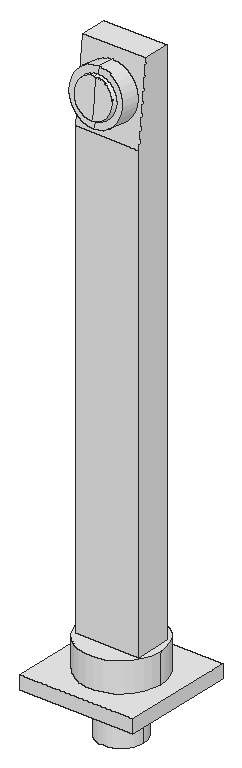
Revit family "Outlet-Bath-Caroma Quatro-Wall1", category Plumbing Fixtures, host Face, Revit 2014
Parameters (values of type "Standard")
  Waste Connection = no
  Vent Connection = no
  URL = "http://www.caroma.com.au/"
  Type Comments = "Caroma Quatro Bath Outlet"  # constant formula
  ModifiedIssue_ANZRS = 20150121.01  # constant formula
  Model = "90709C"  # constant formula
  Material_ANZRS = Metal-Chrome-Caroma
  Manufacturer = "GWA Bathrooms & Kitchens"  # constant formula
  HWFU = 4  # constant formula
  HW Connection = yes
  Description = "Effortlessly stylish and exceptionally functional, the new Quatro range is designed to impress. Contemporary and refined, this range incorporates loop style handles and a polished finish to ensure that your bathroom brings you peace of mind"  # constant formula
  Default Elevation = 500 mm
  CreatedBy_ANZRS = "Design Content"  # constant formula
  CreatedByURL_ANZRS = "http://www.designcontent.com.au"
  Cost = 0
  Connector Radius = 10 mm
  CWFU = 4  # constant formula
  CW Connection = yes
  Assembly Code = "C1030210"
Reference planes
  plane 1 "Center (Front/Back)": y = 0
  plane 2: z = 0
  plane 3 "Center (Left/Right)": x = 0
Forms (mm)
  Revolve 1, solid, material "Metal-Chrome-Caroma" <- "Material_ANZRS"
    sketch origin (0, -188.696, 198.937) x (0, -0.009072, -0.999959) y (0, 0.999959, -0.009072)
      loop
        line (-34.304, 171.991) -> (-33.605, 173.426) -> (-30.608, 173.111) -> (-29.766, 181.125) -> (-41.7, 182.38) -> (-42.699, 172.873) -> (-34.304, 171.991)
      axis (-42.699, 172.873) -> (-41.7, 182.38)
    angle from 0 to 360
  Extrusion 2, solid, material "Metal-Chrome-Caroma" <- "Material_ANZRS"
    sketch origin (-7.071, -7.071, 0) x (-1, 0, 0) y (0, -1, 0)
      loop
        circle (-7.071, -7.071) r 10
    from -20 to 0
  Extrusion 3, solid, material "Metal-Chrome-Caroma" <- "Material_ANZRS"
    sketch origin (0, 133.552, 1219.2) x (0, 1, 0) y (0, 0, 1)
      loop
        line (-125.552, -963.2) -> (-137.552, -963.2) -> (-141.552, -998.2) -> (-141.552, -1200.2) -> (-125.552, -1200.2) -> (-125.552, -963.2)
    from -14 to 14
  Extrusion 4, solid, material "Metal-Chrome-Caroma" <- "Material_ANZRS"
    sketch origin (90, 0, 0) x (1, 0, 0) y (0, 1, 0)
      loop
        line (-115, 25) -> (-115, -25) -> (-65, -25) -> (-65, 25) -> (-115, 25)
    from 0 to 6
  Extrusion 5, solid, material "Metal-Chrome-Caroma" <- "Material_ANZRS"
    sketch origin (90, 0, 0) x (1, 0, 0) y (0, 1, 0)
      loop
        circle (-90, 0) r 17.5
    from 6 to 19
Cuts and joins
  joined: Revolve 1, Extrusion 3, Extrusion 4, Extrusion 5
Lines and regions (mm)
  Masking region 1
    outline origin (0, 0, 0) x (1, 0, 0) y (0, 1, 0)
      loop
        line (-25, 25) -> (-25, -25) -> (25, -25) -> (25, 25) -> (-25, 25)
  Masking region 2
    outline origin (0, 0, 0) x (1, 0, 0) y (0, 0, 1)
      loop
        line (25, 0) -> (25, 6) -> (17.5, 6) -> (17.5, 19) -> (14, 19) -> (14, 256) -> (-14, 256) -> (-14, 19) -> (-17.5, 19) -> (-17.5, 6) -> (-25, 6) -> (-25, 0) -> (25, 0)
  symbolic lines, style "Taps/Mixers"
    curve 1: line (14, 8, 0) -> (-14, 8, 0)
    curve 2: line (-14, 8, 0) -> (-14, -8, 0)
    curve 3: line (-14, -4, 0) -> (14, -4, 0)
    curve 4: line (14, -8, 0) -> (14, 8, 0)
    curve 5: spline (-9.324, -14.809, 0) -> (-10.569, -14.597, 0) -> (-11.444, -14.362, 0) -> (-11.916, -14.112, 0) -> (-11.971, -13.857, 0) -> (-11.605, -13.605, 0) -> (-10.832, -13.365, 0) -> (-9.678, -13.146, 0) -> (-8.185, -12.955, 0) -> (-6.404, -12.799, 0) -> (-4.398, -12.684, 0) -> (-2.238, -12.613, 0) -> (0, -12.589, 0)
    curve 6: spline (0, -12.589, 0) -> (2.238, -12.613, 0) -> (4.398, -12.684, 0) -> (6.404, -12.799, 0) -> (8.185, -12.955, 0) -> (9.678, -13.146, 0) -> (10.832, -13.365, 0) -> (11.605, -13.605, 0) -> (11.971, -13.857, 0) -> (11.916, -14.112, 0) -> (11.444, -14.362, 0) -> (10.569, -14.597, 0) -> (9.324, -14.809, 0)
    curve 7: spline (0, -14.483, 0) -> (-2.185, -14.516, 0) -> (-4.221, -14.612, 0) -> (-5.969, -14.764, 0) -> (-7.31, -14.963, 0) -> (-8.154, -15.194, 0) -> (-8.441, -15.442, 0) -> (-8.154, -15.69, 0) -> (-7.31, -15.921, 0) -> (-5.969, -16.12, 0) -> (-4.221, -16.272, 0) -> (-2.185, -16.368, 0) -> (0, -16.4, 0)
    curve 8: spline (0, -16.4, 0) -> (2.185, -16.368, 0) -> (4.221, -16.272, 0) -> (5.969, -16.12, 0) -> (7.31, -15.921, 0) -> (8.154, -15.69, 0) -> (8.441, -15.442, 0) -> (8.154, -15.194, 0) -> (7.31, -14.963, 0) -> (5.969, -14.764, 0) -> (4.221, -14.612, 0) -> (2.185, -14.516, 0) -> (0, -14.483, 0)
    curve 9: spline (8.987, -13.952, 0) -> (8.68, -13.687, 0) -> (7.783, -13.441, 0) -> (6.355, -13.23, 0) -> (4.493, -13.068, 0) -> (2.326, -12.966, 0) -> (0, -12.931, 0) -> (-2.326, -12.966, 0) -> (-4.493, -13.068, 0) -> (-6.355, -13.23, 0) -> (-7.783, -13.441, 0) -> (-8.68, -13.687, 0) -> (-8.987, -13.952, 0)
    curve 10: arc (-17.5, 0, 0) -> (-16.066, -6.937, 0) -> (-12, -12.738, 0) r 17.5
    curve 11: spline (-12, -5.945, 0) -> (-11.591, -5.592, 0) -> (-10.392, -5.264, 0) -> (-8.485, -4.982, 0) -> (-6, -4.765, 0) -> (-3.106, -4.629, 0) -> (0, -4.582, 0) -> (3.106, -4.629, 0) -> (6, -4.765, 0) -> (8.485, -4.982, 0) -> (10.392, -5.264, 0) -> (11.591, -5.592, 0) -> (12, -5.945, 0)
    curve 12: arc (17.5, 0, 0) -> (0, 17.5, 0) -> (-17.5, 0, 0) r 17.5
    curve 13: line (-14, -8, 0) -> (-12, -8, 0)
    curve 14: line (12, -8, 0) -> (14, -8, 0)
    curve 15: line (-12, -5.945, 0) -> (-12, -13.952, 0)
    curve 16: line (12, -5.945, 0) -> (12, -13.952, 0)
    curve 17: line (8.987, -13.952, 0) -> (8.441, -15.442, 0)
    curve 18: line (-8.987, -13.952, 0) -> (-8.441, -15.442, 0)
    curve 19: arc (12, -12.738, 0) -> (16.066, -6.937, 0) -> (17.5, 0, 0) r 17.5
    curve 20: arc (8.493, -15.301, 0) -> (8.912, -15.061, 0) -> (9.324, -14.809, 0) r 17.5
    curve 21: arc (-7.23, -15.937, 0) -> (0, -17.5, 0) -> (7.23, -15.937, 0) r 17.5
    curve 22: arc (-9.324, -14.809, 0) -> (-8.912, -15.061, 0) -> (-8.493, -15.301, 0) r 17.5
    curve 23: line (-25, 25, 0) -> (-20, 25, 0)
    curve 24: line (-25, -25, 0) -> (-25, 25, 0)
    curve 25: line (-20, -25, 0) -> (-25, -25, 0)
    curve 26: line (25, 0, 6) -> (-25, 0, 6)
    curve 27: line (17.5, 0, 19) -> (-17.5, 0, 19)
Dimensions and locks
  aligned and locked: plane 2 to host face
  aligned and locked: level to host face
Connectors
  piping at (0, 0, -20), diameter 20, driven by "Connector Radius", driven by "HWFU"
    settings: on Extrusion 2, index 4, connector inside diameter 0.7874", connector length 0 mm, flow factor 0, pipe flow 0 GPM, pressure drop 0.00 psi, fitting loss kfactor 0, connector angle 0.00°, fixture units 4, engagement length 0 mm, angle of deflection 0.00°, flow configuration 3, flow direction 1, fitting loss method 101, system type 19, joint type 0, gender type 0, connector reference index -1, connector utility 0, adjustable connector no, is connector primary yes, connector description "Hot Inlet"
